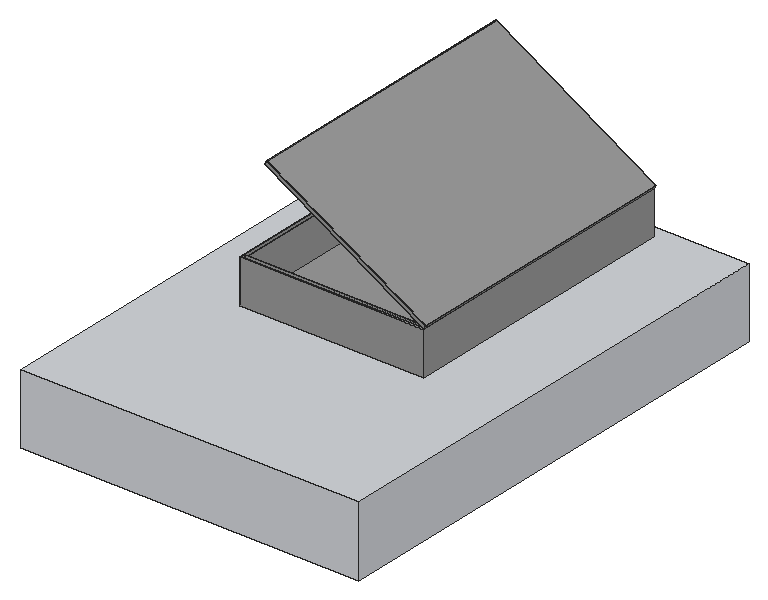
Revit family "Hager-Univers-IP54-D205-H1250-Cl.I-Encl-CH-de", category Equipement électrique, Revit 2020
Family settings
  Hôte = Face
  Configuration du panneau = Deux colonnes, circuits au sein
  Cote de connecteur circulaire = Utiliser le diamètre
  Type d'élément = Tableau de raccordement
  Couper avec des vides une fois chargée = Non
  Partagée = Non
  Point de calcul de pièce = Non
Parameters (values of type "Aufputz IP54 B800 H1250 T205  - FP83TW2")
  Width Control [instance] = if([EF000008 - Breite] > Min Width, [EF000008 - Breite], Min Width)  # 800 mm
  Commentaires du type = [HG000003 - Bereich]  # "Univers"
  Thickness Door [instance] = if([EF009171 - Materialstärke Tür/Deckel] > 3 mm, 3 mm, [EF009171 - Materialstärke Tür/Deckel])  # 1 mm
  Seal Frame Offset [instance] = 17 mm  # constant formula
  Plinth Visibility [instance] = [HG000027 - Sockelhöhe] > 0 mm  # no
  Model = ""
  Min Width [instance] = 100 mm  # constant formula
  Min Height [instance] = 100 mm  # constant formula
  Min Depth [instance] = (2 * [EF009170 - Materialstärke Gehäuse]) + 1 mm  # 3 mm
  Internal Frame Depth [instance] = (Door System Depth * 0.5)  # 9 mm
  Height Control [instance] = if([EF000040 - Höhe] > Min Height, [EF000040 - Höhe], Min Height)  # 1250 mm
  HG000027 - Sockelhöhe = 0 mm
  HG000026 - Stehend auf dem Boden = no
  HG000024 - Höhe des unteren Teils = 800 mm
  HG000023 - Gehäuse mit doppeltem Querschnitt = no
  HG000016 - 3D-Türsichtbarkeit [instance] = yes
  HG000015 - Sichtbarkeit der Türöffnung [instance] = no
  HG000014 - Tür rechts [instance] = yes
  HG000013 - Tür links [instance] = not([HG000014 - Tür rechts])  # no
  HG000012 - Türschwenkwinkel [instance] = 30.00°
  HG000010 - Asymmetrische Türen = no
  HG000009 - Doppelflügeligen Tür = no
  HG000006 - Unterputz = no
  HG000004 - Herstellerreferenz = "FP83TW2"
  HG000003 - Bereich = "Univers"
  HG000002 - Mit tür = yes
  Frame Offset Bottom [instance] = 10 mm  # constant formula
  Frame Offset [instance] = 15 mm  # constant formula
  EF015940 - Deckel mit Überdruckentlastung = no
  EF011959 - Schutzart (NEMA) = ""
  EF009554 - Anzahl der Öffnungen für Flanschplatten = 6
  Fabricant = "Hager"  # constant formula
  EF009212 - Ausführung Deckel = "EV000116 - geschlossen"
  EF009171 - Materialstärke Tür/Deckel = 1 mm
  EF009170 - Materialstärke Gehäuse = 1 mm
  EF008873 - Nennstrom (In) = 250 A
  EF007800 - Geeignet für Blitzschutz = no
  EF006306 - Mit Schloss = no
  EF006244 - Transparenter Deckel/Tür = no
  EF005474 - Schutzart (IP) = "EV006419 - IP54"
  EF004464 - Art der Tür = "EV002646 - Einzel"
  EF004427 - Anzahl der Module = 288
  EF004293 - Schlagfestigkeit = "EV006815 - IK09"
  EF003532 - Geeignet für Außengebrauch = no
  EF002950 - Breite in Teilungseinheiten = 36
  EF001613 - Funktionserhalt = "EV000494 - ohne"
  EF001596 - Werkstoff des Gehäuses = "EV000179 - Stahl"
  EF001131 - Innentiefe = 130 mm
  EF001088 - Anbaumöglichkeit = yes
  EF000437 - Anzahl der Leitungseinführungen = 6
  EF000339 - Art der Abdeckung = "EV001012 - Deckel"
  EF000266 - Anzahl der Reihen = 8
  EF000218 - Einbautiefe = 205 mm
  EF000118 - Mit Montageplatte = no
  EF000116 - RAL-Nummer = "9010"
  EF000049 - Tiefe = 205 mm
  EF000040 - Höhe = 1250 mm
  EF000008 - Breite = 800 mm
  EF000007 - Farbe = "EV000202 - weiß"
  EF000003 - Montageart = "EV000384 - Aufputz"
  Door System Leaf Tolerance [instance] = 1.5 mm  # constant formula
  Door System Depth [instance] = 18 mm  # constant formula
  Door Height [instance] = Height Control - [HG000027 - Sockelhöhe]  # 1250 mm
  Depth Control [instance] = if([EF000049 - Tiefe] > Min Depth, [EF000049 - Tiefe], Min Depth)  # 205 mm
  Default Elevation = 0 mm
  Connector Offset [instance] = Height Control / 2  # 625 mm
  Bottom Top Plate Trim [instance] = 1.5 mm  # constant formula
  Plinth height Ctrl [instance] = if([HG000027 - Sockelhöhe] > 0 mm, [HG000027 - Sockelhöhe], 12 mm)  # 12 mm
Types (5, lengths in mm): name | Width Control | HG000004 - Herstellerreferenz | EF009554 - Anzahl der Öffnungen für Flanschplatten | EF004464 - Art der Tür | EF004427 - Anzahl der Module | EF002950 - Breite in Teilungseinheiten | EF000437 - Anzahl der Leitungseinführungen | EF000008 - Breite
  Aufputz IP54 B1050 H1250 T205  - FP84TW2 | 1050 | "FP84TW2" | 8 | "EV003602 - Doppel" | 384 | 48 | 8 | 1050
  Aufputz IP54 B1300 H1250 T205  - FP85TW2 | 1300 | "FP85TW2" | 10 | "EV003602 - Doppel" | 480 | 60 | 10 | 1300
  Aufputz IP54 B300 H1250 T205  - FP81TW2 | 300 | "FP81TW2" | 2 | "EV002646 - Einzel" | 96 | 12 | 2 | 300
  Aufputz IP54 B550 H1250 T205  - FP82TW2 | 550 | "FP82TW2" | 4 | "EV002646 - Einzel" | 192 | 24 | 4 | 550
  Aufputz IP54 B800 H1250 T205  - FP83TW2 | 800 | "FP83TW2" | 6 | "EV002646 - Einzel" | 288 | 36 | 6 | 800
Reference planes
  plane 1 "Center (Front/Back)": y = 0
  plane 2: z = 0
  plane 3 "Center (Left/Right)": x = 0
  plane 4: z = 205
  plane 5: y = 1
  plane 6: y = 625
  plane 7: y = 0
  plane 8: y = 1250
  plane 9: z = 0
  plane 10: x = -385
  plane 11: x = 385
  plane 12: x = 384
  plane 13: x = -384
  plane 14: y = 1249
  plane 15: x = -383
  plane 16: x = -400
  plane 17: x = 383
  plane 18: x = 400
  plane 19: x = 399
  plane 20: x = -399
  plane 21: y = 11
  plane 22: y = 1250
  plane 23: y = 1234
  plane 24: z = 187
  plane 25: z = 1
  plane 26: z = 186
  plane 27: z = 204
Forms (mm)
  Extrusion 1, solid
    sketch origin (0, 0, 0) x (1, 0, 0) y (0, 1, 0)
      loop
        line (-702.964, 1305) -> (-702.964, -811.445) -> (766.763, -811.445) -> (766.763, 1305) -> (-702.964, 1305)
    from 0 to -304.8
  Extrusion 2, solid, material "Hager_Steel_RAL7035_Light_Grey", visible <- "Plinth Visibility", detail levels medium+fine
    sketch origin (0, 0, 0) x (1, 0, 0) y (0, 1, 0)
      loop
        line (-400, 0) -> (400, 0) -> (400, 12) -> (-400, 12) -> (-400, 0)
    from 0 to 187
  Extrusion 3, solid, material "Hager_Steel_RAL7035_Light_Grey", detail levels medium+fine
    sketch origin (0, 0, 0) x (1, 0, 0) y (0, 1, 0)
      loop
        line (-400, 0) -> (400, 0) -> (400, 1250) -> (-400, 1250) -> (-400, 0)
    from 0 to 187
  Extrusion 4, void
    sketch origin (0, 0, 0) x (1, 0, 0) y (0, 1, 0)
      loop
        line (-399, 1) -> (399, 1) -> (399, 1249) -> (-399, 1249) -> (-399, 1)
    from 1 to 186
  Extrusion 5, void
    sketch origin (-381.607, -4572, 187) x (0, -1, 0) y (-1, 0, 0)
      loop
        line (-4583, 2.393) -> (-5806, 2.393) -> (-5806, -765.607) -> (-4583, -765.607) -> (-4583, 2.393)
    from 0 to 1 <- "EF009170 - Materialstärke Gehäuse"
  Extrusion 6, solid, material "Hager_Steel_RAL7035_Light_Grey", detail levels fine
    sketch origin (0, 0, 187) x (1, 0, 0) y (0, 1, 0)
      loop
        line (-384, 1234) -> (-384, 11) -> (384, 11) -> (384, 1234) -> (-384, 1234)
      loop
        line (-385, 10) -> (385, 10) -> (385, 1235) -> (-385, 1235) -> (-385, 10)
    from 0 to 9 <- "Internal Frame Depth"
  Extrusion 7, solid, material "Hager_Steel_RAL7035_Light_Grey", detail levels coarse
    sketch origin (0, 0, 0) x (1, 0, 0) y (0, 1, 0)
      loop
        line (-400, 0) -> (400, 0) -> (400, 1250) -> (-400, 1250) -> (-400, 0)
    from 0 to 205
  Sweep 8, void
    path in 3D
      loop
        line (-400, 12, 0) -> (400, 12, 0) -> (400, 12, 187) -> (-400, 12, 187) -> (-400, 12, 0)
    profile origin (-400, 12, 93.5) x (-1, 0, 0) y (0, -1, 0)
      loop
        line (0, 0) -> (0, 1.5) -> (-1.5, 1.5)
        arc (-1.5, 1.5) -> (-1.061, 0.439) -> (0, 0) r 1.5
Cuts and joins
  Extrusion 4, Extrusion 5 cuts Extrusion 3
  Sweep 8 cuts Extrusion 2
Lines and regions (mm)
  Masking region 1
    outline origin (0, 0, 0) x (1, 0, 0) y (0, 0, 1)
      loop
        line (-400, 205) -> (-400, 0) -> (400, 0) -> (400, 205) -> (-400, 205)
  Masking region 2, detail levels medium+fine
    outline origin (0, 140, 0) x (0, 1, 0) y (0, 0, 1)
      loop
        line (-140, 0) -> (1110, 0) -> (1110, 187) -> (-140, 187) -> (-140, 0)
  Masking region 3, not visible, detail levels medium+fine
    outline origin (0, 297.922, 0) x (0, 1, 0) y (0, 0, 1)
      loop
        line (338.578, 0) -> (378.578, 0) -> (378.578, 194)
        arc (378.578, 194) -> (375.649, 201.071) -> (368.578, 204) r 10
        line (368.578, 204) -> (338.578, 204) -> (338.578, 0)
  Masking region 4, detail levels coarse
    outline origin (0, 0, 180) x (0, 1, 0) y (0, 0, 1)
      loop
        line (0, -180) -> (1250, -180) -> (1250, 25) -> (0, 25) -> (0, -180)
  Masking region 5, visible <- "Plinth Visibility", detail levels medium+fine
    outline origin (0, 52.24, 12.345) x (0, 0, -1) y (0, 1, 0)
      loop
        line (10.845, -40.24) -> (-173.155, -40.24)
        arc (-173.155, -40.24) -> (-173.594, -41.301) -> (-174.655, -41.74) r 1.5
        line (-174.655, -41.74) -> (-174.655, -52.24) -> (12.345, -52.24) -> (12.345, -41.74)
        arc (12.345, -41.74) -> (11.285, -41.301) -> (10.845, -40.24) r 1.5
  Masking region 6, detail levels medium+fine
    outline origin (-381.607, -4572, 187) x (-1, 0, 0) y (0, -1, 0)
      loop
        line (18.393, -5822) -> (18.393, -4572) -> (-781.607, -4572) -> (-781.607, -5822) -> (18.393, -5822)
  Masking region 7, visible <- "Plinth Visibility", detail levels medium+fine
    outline origin (-381.607, -4727, 187) x (-1, 0, 0) y (0, -1, 0)
      loop
        arc (16.893, -4739) -> (17.332, -4737.939) -> (18.393, -4737.5) r 1.5
        line (18.393, -4737.5) -> (18.393, -4727) -> (-781.607, -4727) -> (-781.607, -4737.5)
        arc (-781.607, -4737.5) -> (-780.546, -4737.939) -> (-780.107, -4739) r 1.5
        line (-780.107, -4739) -> (16.893, -4739)
  Masking region 8, detail levels coarse
    outline origin (-442.548, -4669.526, 187) x (-1, 0, 0) y (0, -1, 0)
      loop
        line (-42.548, -5919.526) -> (-42.548, -4669.526) -> (-842.548, -4669.526) -> (-842.548, -5919.526) -> (-42.548, -5919.526)
  sketch lines
    curve 1: line (-400, 12, 187) -> (-400, 12, 0)
    curve 2: line (400, 12, 187) -> (-400, 12, 187)
    curve 3: line (400, 12, 187) -> (400, 12, 0)
    curve 4: line (-400, 12, 0) -> (400, 12, 0)
Dimensions and locks
  "Depth Control": plane 4 to Extrusion 1
  "HG000027 - Sockelhöhe": plane 1 "Center (Front/Back)" to plane 7
  "EF009170 - Materialstärke Gehäuse": plane 5 to plane 7
  locked: connector elem to plane 3 "Center (Left/Right)"
  equal spacing: plane 8, plane 6, plane 7
  locked: connector elem to plane 6
  "EF009170 - Materialstärke Gehäuse": plane 8 to plane 14
  "EF009170 - Materialstärke Gehäuse": plane 10 to plane 13
  "EF009170 - Materialstärke Gehäuse": plane 12 to plane 11
  "Frame Offset": plane 20 to plane 13
  "Frame Offset": plane 12 to plane 19
  "EF009170 - Materialstärke Gehäuse": plane 16 to plane 20
  "EF009170 - Materialstärke Gehäuse": plane 19 to plane 18
  "Seal Frame Offset": plane 16 to plane 15
  "Seal Frame Offset": plane 17 to plane 18
  "Frame Offset Bottom": plane 21 to plane 5
  "Frame Offset": plane 14 to plane 23
  equal spacing: plane 16, plane 3 "Center (Left/Right)", plane 18
  "Width Control": plane 16 to plane 18
  "EF009170 - Materialstärke Gehäuse": plane 4 to plane 27
  "EF009170 - Materialstärke Gehäuse": plane 24 to plane 26
  "EF009170 - Materialstärke Gehäuse": plane 25 to level
  "Door System Depth": plane 4 to plane 24
  "Height Control": plane 1 "Center (Front/Back)" to Extrusion 7 sketch curve
  "Height Control": Masking region 4 sketch curve to plane 1 "Center (Front/Back)"
  "Height Control": plane 1 "Center (Front/Back)" to plane 22
  "Bottom Top Plate Trim": profile plane to Sweep 8 sketch curve
  "Bottom Top Plate Trim": Sweep 8 sketch curve to profile plane
  "Plinth height Ctrl": plane 1 "Center (Front/Back)" to Extrusion 2 sketch curve
  "Plinth height Ctrl": Masking region 5 sketch curve to plane 1 "Center (Front/Back)"
  "Plinth height Ctrl": plane 1 "Center (Front/Back)" to Masking region 7 sketch curve
  "Thickness Door": Extrusion 6 sketch curve to Extrusion 6 sketch curve  (x3)
  "Thickness Door": cut or joined group of Extrusion 3, Extrusion 4, Extrusion 5 to Extrusion 6 sketch curve
  radius of Masking region 3 sketch curve = 10 mm
  "Bottom Top Plate Trim": radius of Masking region 5 sketch curve  (x2)
  "Bottom Top Plate Trim": radius of Sweep 8 sketch curve
  "Bottom Top Plate Trim": radius of Masking region 7 sketch curve  (x2)
  aligned and locked: plane 2 to Extrusion 1
  aligned and locked: level to Extrusion 1
  aligned and locked: level to Masking region 1 sketch curve
  aligned and locked: Masking region 1 sketch curve to plane 18
  aligned and locked: Masking region 1 sketch curve to plane 16
  aligned and locked: plane 7 to Masking region 2 sketch curve
  aligned and locked: level to Masking region 3 sketch curve
  aligned and locked: Masking region 3 sketch curve to plane 27
  aligned and locked: level to Masking region 2 sketch curve
  aligned and locked: plane 1 "Center (Front/Back)" to Extrusion 2 sketch curve
  aligned and locked: Extrusion 3 sketch curve to plane 7
  aligned and locked: plane 16 to Extrusion 3 sketch curve
  aligned and locked: plane 18 to Extrusion 3 sketch curve
  aligned and locked: plane 20 to Extrusion 4 sketch curve
  aligned and locked: plane 19 to Extrusion 4 sketch curve
  aligned and locked: Extrusion 4 sketch curve to plane 5
  aligned and locked: Extrusion 4 to plane 25
  aligned and locked: plane 26 to Extrusion 4
  aligned and locked: plane 24 to Extrusion 3
  aligned and locked: Extrusion 5 sketch curve to plane 21
  aligned and locked: Extrusion 5 sketch curve to plane 13
  aligned and locked: Extrusion 5 sketch curve to plane 12
  aligned and locked: plane 18 to Extrusion 7 sketch curve
  aligned and locked: plane 1 "Center (Front/Back)" to Extrusion 7 sketch curve
  aligned and locked: plane 16 to Extrusion 7 sketch curve
  aligned and locked: plane 4 to Extrusion 7
  aligned and locked: Extrusion 7 to level
  aligned and locked: level to Masking region 4 sketch curve
  aligned and locked: Masking region 4 sketch curve to plane 1 "Center (Front/Back)"
  aligned and locked: Masking region 4 sketch curve to plane 4
  aligned and locked: nested 1 to level
  aligned and locked: nested 1 to plane 16
  aligned and locked: plane 8 to Extrusion 3 sketch curve
  aligned and locked: plane 23 to Extrusion 5 sketch curve
  aligned and locked: plane 14 to Extrusion 4 sketch curve
  aligned and locked: Masking region 2 sketch curve to plane 8
  aligned and locked: level to Masking region 5 sketch curve
  aligned and locked: plane 16 to Extrusion 2 sketch curve
  aligned and locked: plane 18 to Extrusion 2 sketch curve
  aligned and locked: Masking region 5 sketch curve to plane 24
  aligned and locked: Masking region 2 sketch curve to plane 24
  aligned and locked: plane 24 to Extrusion 2
  aligned and locked: profile plane to Sweep 8 sketch curve  (x2)
  aligned and locked: Masking region 6 sketch curve to plane 18
  aligned and locked: Masking region 6 sketch curve to plane 22
  aligned and locked: Masking region 6 sketch curve to plane 16
  aligned and locked: plane 8 to plane 22
  aligned and locked: Masking region 6 sketch curve to plane 7
  aligned and locked: Masking region 7 sketch curve to plane 16
  aligned and locked: Masking region 7 sketch curve to plane 1 "Center (Front/Back)"
  aligned and locked: Masking region 7 sketch curve to plane 18
  aligned and locked: Masking region 8 sketch curve to plane 1 "Center (Front/Back)"
  aligned and locked: Masking region 8 sketch curve to plane 18
  aligned and locked: Masking region 8 sketch curve to plane 22
  aligned and locked: Masking region 8 sketch curve to plane 16
  aligned and locked: nested 2 to plane 7
  aligned and locked: plane 3 "Center (Left/Right)" to nested 2
  aligned and locked: nested 2 to plane 24
  aligned and locked: Extrusion 6 sketch curve to cut or joined group of Extrusion 3, Extrusion 4, Extrusion 5  (x4)
Automatic sketch dimensions
  Extrusion 1 sketch curve to Extrusion 1 sketch curve = 1469.727 mm
  Extrusion 1 sketch curve to Extrusion 1 sketch curve = 2116.445 mm
  Masking region 1 sketch curve to plane 4 = 0 mm
  plane 6 to Masking region 3 sketch curve = 11.5 mm
  Masking region 3 sketch curve to Masking region 3 sketch curve = 30 mm
  Masking region 5 sketch curve to plane 1 "Center (Front/Back)" = 0 mm
Nested families
  nested 1: "Hager_Enclosure_Symbol" at (-400, 0, 0) x (1, 0, 0) z (0, -1, 0), Height <- "Depth Control", Width <- "Width Control", type "Hager_Enclosure_Symbol"
    with Width_Ctrl 800 mm, Width 800 mm, Height_Ctrl 205 mm, Height 205 mm, A_Width_Int 13.453 mm, A_Width 161.438 mm, A_Height_Ctrl 179.375 mm, A_Height 179.375 mm
  nested 2: "EC000058_Univers_Door" at (0, 0, 187) x (1, 0, 0) z (0, 1, 0), Leaf_Tolerance <- "Door System Leaf Tolerance", Angle <- "HG000012 - Türschwenkwinkel", Door_Depth <- "Door System Depth", Door_Left <- "HG000013 - Tür links", Transparent <- "EF006244 - Transparenter Deckel/Tür", Assymetrical <- "HG000010 - Asymmetrische Türen", Width <- "Width Control", Clearance <- "HG000015 - Sichtbarkeit der Türöffnung", Double <- "HG000009 - Doppelflügeligen Tür", 3d_Door <- "HG000016 - 3D-Türsichtbarkeit", Lock_Visibility <- "EF006306 - Mit Schloss", Width_Ctrl <- "Width Control", Door_Right <- "HG000014 - Tür rechts", Door <- "HG000002 - Mit tür", Height <- "Door Height", Thickness <- "Thickness Door", type "EC000058_Univers_Door", detail levels medium+fine
    with min_wh 3 mm, Width_Ctrl 800 mm, Width 800 mm, Transparent no, Thickness 1 mm, Seal_Material Hager_Rubber, Lock_Visibility no, Lock_Material Hager_Plastic_RAL9005_Jet_Black, Leaf_Width 800 mm, Leaf_Tolerance_External_Sides 0 mm, Leaf_Tolerance 1.5 mm, Leaf_Offset 0 mm, Leaf_Height 1247 mm, Leaf_2_Width 800 mm, Leaf_2_Offset 400 mm, Leaf_1_Width 800 mm, Leaf_1_Offset 400 mm, Height_Ctrl 1250 mm, Height 1250 mm, Glass_Material Hager_Glass, Double_Clearance_Ctrl no, Double no, Door_Right_Ctrl yes, Door_Right yes, Door_Material Hager_Steel_RAL7035_Light_Grey, Door_Left_Ctrl no, Door_Left no, Door_Depth 18 mm, Door yes, Clearance_Material Hager_Clearance, Clearance_Depth 800 mm, Clearance_Ctrl no, Clearance no, Assymetrical no, Angle 30.00°, 3d_Door yes
Connectors
  electrical at (0, 625, 0)
    settings: on plane 9, index 1, voltage 0 V, apparent load 0 VA, apparent load phase1 0 VA, apparent load phase2 0 VA, apparent load phase3 0 VA, power factor 1, load classification "Other", number of poles 1, system type 30, power factor state 1, is connector primary yes, connector utility no, sub classification motor no, connector description ""
Definition of nested family "EC000058_Univers_Door"
  Parameters (values of type "EC000058_Univers_Door")
    min_wh [instance] = (2 * Thickness) + 1 mm  # 11 mm
    Width_Ctrl [instance] = 400 mm
    Width [instance] = 500 mm
    Transparent [instance] = yes
    Thickness [instance] = 5 mm
    Seal_Material [instance] = none
    Lock_Visibility [instance] = yes
    Lock_Material [instance] = none
    Leaf_Width [instance] = if((Width_Ctrl - 2 * Leaf_Tolerance_External_Sides) > 0 mm, (Width_Ctrl - 2 * Leaf_Tolerance_External_Sides), min_wh)  # 400 mm
    Leaf_Tolerance_External_Sides [instance] = 0 mm  # constant formula
    Leaf_Tolerance [instance] = 1.5 mm
    Leaf_Offset [instance] = 0 mm  # constant formula
    Leaf_Height [instance] = if((Height_Ctrl - 2 * Leaf_Tolerance) > 0 mm, (Height_Ctrl - 2 * Leaf_Tolerance), min_wh)  # 497 mm
    Leaf_2_Width [instance] = if(and(and(Double, Assymetrical), Door_Left), (Leaf_Width / 3) - (Leaf_Tolerance / 2), if(and(and(Double, Assymetrical), Door_Right), (Leaf_Width / 3) * 2 - (Leaf_Tolerance / 2), if(and(Double, not(Assymetrical)), (Leaf_Width / 2) - Leaf_Tolerance, Leaf_Width)))  # 400 mm
    Leaf_2_Offset [instance] = if(and(Double, Assymetrical), Leaf_2_Width / 2, if(and(Double, not(Assymetrical)), Leaf_Width / 4, Leaf_Width / 2))  # 200 mm
    Leaf_1_Width [instance] = if(and(and(Double, Assymetrical), Door_Right), (Leaf_Width / 3) - (Leaf_Tolerance / 2), if(and(and(Double, Assymetrical), Door_Left), (Width / 3) * 2 - (Leaf_Tolerance / 2), if(and(Double, not(Assymetrical)), (Leaf_Width / 2) - Leaf_Tolerance, Leaf_Width)))  # 400 mm
    Leaf_1_Offset [instance] = if(and(Double, Assymetrical), Leaf_1_Width / 2, if(and(Double, not(Assymetrical)), Leaf_Width / 4, Leaf_Width / 2))  # 200 mm
    Height_Ctrl [instance] = if(Height > min_wh, Height, min_wh)  # 500 mm
    Height [instance] = 500 mm
    Glass_Material [instance] = none
    Double_Clearance_Ctrl [instance] = and(Double, Clearance)  # no
    Double [instance] = no
    Door_Right_Ctrl [instance] = and(or(Door_Right, Double), Door)  # yes
    Door_Right [instance] = yes
    Door_Material [instance] = none
    Door_Left_Ctrl [instance] = and(or(Door_Left, Double), Door)  # no
    Door_Left [instance] = no
    Door_Depth [instance] = 30 mm
    Door [instance] = yes
    Default Elevation = 1219.2 mm
    Clearance_Material [instance] = none
    Clearance_Depth [instance] = if(Leaf_1_Width > Leaf_2_Width, Leaf_1_Width, Leaf_2_Width)  # 400 mm
    Clearance_Ctrl [instance] = and(not(Double), Clearance)  # yes
    Clearance [instance] = yes
    Assymetrical [instance] = yes
    Angle [instance] = 30.00°
    3d_Door [instance] = yes
  Reference planes
    plane 1 "Center (Front/Back)": y = 0
    plane 2 "Bottom": z = 0
    plane 3 "Center (Left/Right)": x = 0
    plane 4: z = 500
    plane 5: x = -200
    plane 6: x = 200
    plane 7: z = 500
    plane 8: x = -200
    plane 9: z = 0
    plane 10: x = 200
    plane 11: y = 0
    plane 12: z = 1.5
    plane 13: x = -600
    plane 14: y = -400
    plane 15: x = 600
    plane 16: x = 0
    plane 17: x = 0
    plane 18: x = -200
    plane 19: x = 200
    plane 20: z = 498.5
  Forms (mm)
    Extrusion 1, solid, material <- "Clearance_Material", visible <- "Double_Clearance_Ctrl"
      sketch origin (1200, 0, 0) x (1, 0, 0) y (0, 0, -1)
        loop
          line (-1800, -498.5) -> (-600, -498.5) -> (-600, 0) -> (-1800, 0) -> (-1800, -498.5)
      from 0 to -400
  Dimensions and locks
    equal spacing: plane 5, plane 3 "Center (Left/Right)", plane 6
    "Width_Ctrl": plane 5 to plane 6
    "Leaf_Offset": plane 5 to plane 8
    "Leaf_Offset": plane 6 to plane 10
    "Leaf_Offset": plane 9 to level
    "Leaf_Offset": plane 4 to plane 7
    "Height_Ctrl": plane 4 to level
    "Leaf_Tolerance": plane 12 to plane 9
    locked: plane 11 to plane 1 "Center (Front/Back)"
    "Leaf_1_Offset": plane 18 to plane 16
    "Leaf_2_Offset": plane 17 to plane 19
    "Leaf_1_Width": plane 13 to plane 8
    "Leaf_2_Width": plane 10 to plane 15
    "Clearance_Depth": plane 14 to plane 1 "Center (Front/Back)"
    "Leaf_Tolerance_External_Sides": plane 8 to plane 18
    "Leaf_Tolerance_External_Sides": plane 19 to plane 10
    "Leaf_Tolerance": plane 7 to plane 20
    aligned and locked: level to plane 2 "Bottom"
    aligned and locked: nested 1 to plane 16
    aligned and locked: nested 2 to plane 17
    aligned and locked: Extrusion 1 to plane 13
    aligned and locked: plane 15 to Extrusion 1
    aligned and locked: Extrusion 1 to plane 14
    aligned and locked: plane 12 to nested 1
    aligned and locked: nested 2 to plane 12
    aligned and locked: Extrusion 1 to plane 11
    aligned and locked: plane 20 to Extrusion 1
    aligned and locked: nested 2 to plane 11
    aligned and locked: nested 1 to plane 11
  Automatic sketch dimensions
    Extrusion 1 sketch curve to level = 0 mm
    plane 5 to Extrusion 1 sketch curve = 400 mm
    plane 6 to Extrusion 1 sketch curve = 400 mm
    Extrusion 1 sketch curve to plane 4 = 1.5 mm
  Nested families
    nested 1: "EC000058_Univers_Door_Leaf" at (0, 0, 1.5), Width <- "Leaf_1_Width", visible <- "Door_Left_Ctrl", Leaf_Height <- "Leaf_Height", Angle <- "Angle", 3d_Door <- "3d_Door", Transparent <- "Transparent", Clearance Material <- "Clearance_Material", Clearance <- "Clearance_Ctrl", Door_Material <- "Door_Material", Glass_Material <- "Glass_Material", Door_Depth <- "Door_Depth", Lock_Material <- "Lock_Material", Seal_Material <- "Seal_Material", Lock_Visibility <- "Lock_Visibility", Thickness <- "Thickness", type "EC000058_Univers_Door_Leaf"
      with Width 400 mm, Transparent_Glass_Offset 30 mm, Transparent_Ctrl yes, Transparent yes, Thickness 5 mm, Standard no, Seal_Material none, Seal_D2 8 mm, Seal_D1 1 mm, Offset_Internal_Frame 10 mm, Lock_Width 20 mm, Lock_Visibility_3d yes, Lock_Visibility yes, Lock_Thickness_3 3 mm, Lock_Thickness_2 1 mm, Lock_Thickness_1 3 mm, Lock_Radius_Offset_2 16 mm, Lock_Radius_Offset_1 15 mm, Lock_Radius_2 5 mm, Lock_Radius 6 mm, Lock_Offset 5 mm, Lock_Material none, Lock_Height 80 mm, Lock_Cover_Top_Offset_2d 17 mm, Lock_Cover_Height -65 mm, Leaf_Height 497 mm, Internal_Seal_Thickness 8 mm, Internal_Seal_Depth_2 4.5 mm, Internal_Frame_Depth 25 mm, Glass_Thickness -1 mm, Glass_Offset -2 mm, Glass_Material none, Door_Material none, Door_Depth 30 mm, Clearance Material none, Clearance yes, Angle_Ctrl 30.00°, Angle 30.00°, 3d_Door yes
    nested 2: "EC000058_Univers_Door_Leaf" at (0, 0, 1.5) x (-1, 0, 0) z (0, 0, 1), Width <- "Leaf_2_Width", visible <- "Door_Right_Ctrl", Leaf_Height <- "Leaf_Height", Angle <- "Angle", 3d_Door <- "3d_Door", Transparent <- "Transparent", Clearance Material <- "Clearance_Material", Clearance <- "Clearance_Ctrl", Door_Material <- "Door_Material", Glass_Material <- "Glass_Material", Door_Depth <- "Door_Depth", Lock_Material <- "Lock_Material", Seal_Material <- "Seal_Material", Lock_Visibility <- "Lock_Visibility", Thickness <- "Thickness", type "EC000058_Univers_Door_Leaf"
      with Width 400 mm, Transparent_Glass_Offset 30 mm, Transparent_Ctrl yes, Transparent yes, Thickness 5 mm, Standard no, Seal_Material none, Seal_D2 8 mm, Seal_D1 1 mm, Offset_Internal_Frame 10 mm, Lock_Width 20 mm, Lock_Visibility_3d yes, Lock_Visibility yes, Lock_Thickness_3 3 mm, Lock_Thickness_2 1 mm, Lock_Thickness_1 3 mm, Lock_Radius_Offset_2 16 mm, Lock_Radius_Offset_1 15 mm, Lock_Radius_2 5 mm, Lock_Radius 6 mm, Lock_Offset 5 mm, Lock_Material none, Lock_Height 80 mm, Lock_Cover_Top_Offset_2d 17 mm, Lock_Cover_Height -65 mm, Leaf_Height 497 mm, Internal_Seal_Thickness 8 mm, Internal_Seal_Depth_2 4.5 mm, Internal_Frame_Depth 25 mm, Glass_Thickness -1 mm, Glass_Offset -2 mm, Glass_Material none, Door_Material none, Door_Depth 30 mm, Clearance Material none, Clearance yes, Angle_Ctrl 30.00°, Angle 30.00°, 3d_Door yes
  Definition of nested family "EC000058_Univers_Door_Leaf"
    Parameters (values of type "EC000058_Univers_Door_Leaf")
      Width [instance] = 2000 mm
      Transparent_Glass_Offset [instance] = 30 mm
      Transparent_Ctrl [instance] = and(Transparent, [3d_Door])  # yes
      Transparent [instance] = yes
      Thickness [instance] = 5 mm
      Standard [instance] = and(not(Transparent), [3d_Door])  # no
      Seal_Material [instance] = none
      Seal_D2 [instance] = 8 mm  # constant formula
      Seal_D1 [instance] = 1 mm  # constant formula
      Offset_Internal_Frame [instance] = 10 mm  # constant formula
      Lock_Width [instance] = 20 mm  # constant formula
      Lock_Visibility_3d [instance] = and(Lock_Visibility, [3d_Door])  # yes
      Lock_Visibility [instance] = yes
      Lock_Thickness_3 [instance] = 3 mm  # constant formula
      Lock_Thickness_2 [instance] = 1 mm  # constant formula
      Lock_Thickness_1 [instance] = 3 mm  # constant formula
      Lock_Radius_Offset_2 [instance] = Lock_Radius_Offset_1 + 1 mm  # 16 mm
      Lock_Radius_Offset_1 [instance] = 15 mm  # constant formula
      Lock_Radius_2 [instance] = Lock_Radius - 1 mm  # 5 mm
      Lock_Radius [instance] = 6 mm  # constant formula
      Lock_Offset [instance] = 5 mm  # constant formula
      Lock_Material [instance] = none
      Lock_Height [instance] = 80 mm  # constant formula
      Lock_Cover_Top_Offset_2d [instance] = Lock_Radius_Offset_2 + 1 mm  # 17 mm
      Lock_Cover_Height [instance] = -(Lock_Height - Lock_Radius_Offset_1)  # -65 mm
      Leaf_Height [instance] = 2720.336 mm
      Internal_Seal_Thickness [instance] = 8 mm  # constant formula
      Internal_Seal_Depth_2 [instance] = 4.5 mm  # constant formula
      Internal_Frame_Depth [instance] = if(Door_Depth - Thickness > 5 mm, Door_Depth - Thickness, 5 mm)  # 25 mm
      Glass_Thickness [instance] = if(Thickness > 15 mm, Glass_Offset + 10 mm, -1 mm)  # -1 mm
      Glass_Offset [instance] = if(Thickness > 15 mm, -(Thickness + 10 mm) / 2, -2 mm)  # -2 mm
      Glass_Material [instance] = none
      Door_Material [instance] = none
      Door_Depth [instance] = 30 mm
      Default Elevation = 0 mm
      Clearance Material [instance] = none
      Clearance [instance] = yes
      Angle_Ctrl [instance] = if(Angle > 180.00°, 180.00°, Angle)  # 90.00°
      Angle [instance] = 90.00°
      3d_Door [instance] = yes
    Reference planes
      plane 1 "Center (Front/Back)": y = 0
      plane 2: z = 0
      plane 3 "Center (Left/Right)": x = 0
      plane 4: y = 2000
      plane 5: x = -1000
      plane 6: x = 1000
      plane 7: x = -3000
      plane 8: z = 2720.336
      plane 9: z = 30
      plane 10: z = 2690.336
      plane 11: x = 970
      plane 12: x = -970
      plane 13: y = -3
      plane 14: z = 107.833
      plane 15: y = -5
      plane 16: y = -223.314
      plane 17: x = -1000
      plane 18: z = 1360.168
      plane 19: y = 30
    Forms (mm)
      Extrusion 1, solid, material <- "Clearance Material", visible <- "Clearance"
        sketch origin (0, 0, 0) x (1, 0, 0) y (0, 0, 1)
          loop
            line (-3000, 2720.336) -> (-3000, 0) -> (1000, 0) -> (1000, 2720.336) -> (-3000, 2720.336)
        from 0 to -2000
      Extrusion 2, solid, material <- "Door_Material", visible <- "Standard", detail levels medium+fine
        sketch origin (-1000, 0, 0) x (0, 1, 0) y (-1, 0, 0)
          loop
            line (0, 30) -> (0, 25) -> (2000, 25) -> (2000, 30) -> (0, 30)
        from 0 to 2720.336 <- "Leaf_Height"
      Extrusion 3, solid, material <- "Door_Material", visible <- "Transparent_Ctrl", detail levels medium+fine
        sketch origin (-1000, 0, 0) x (0, 1, 0) y (-1, 0, 0)
          loop
            line (0, 25) -> (2000, 25) -> (2000, 30) -> (0, 30) -> (0, 25)
        from 0 to 2720.336 <- "Leaf_Height"
      Extrusion 4, void
        sketch origin (-1025, 2000, 0) x (0, 1, 0) y (0, 0, -1)
          loop
            line (-30, -2690.336) -> (-30, -30) -> (-1970, -30) -> (-1970, -2690.336) -> (-30, -2690.336)
        from 0 to 5 <- "Thickness"
      Sweep 5, solid, material <- "Seal_Material", visible <- "Transparent_Ctrl", detail levels fine
        path in 3D
          loop
            line (-1025, 30, 30) -> (-1025, 30, 2690.336) -> (-1025, 1970, 2690.336) -> (-1025, 1970, 30) -> (-1025, 30, 30)
        profile origin (-1025, 1000, 30) x (1, 0, 0) y (0, 0, 1)
          loop
            line (0, 0) -> (0, -8) -> (1, -8) -> (1, 0) -> (0, 0)
      Extrusion 6, solid, material <- "Glass_Material", visible <- "Transparent_Ctrl", detail levels medium+fine
        sketch origin (-1030, 0, 0) x (0, 1, 0) y (0, 0, -1)
          loop
            line (1970, -2690.336) -> (1970, -30) -> (30, -30) -> (30, -2690.336) -> (1970, -2690.336)
        from -2 <- "Glass_Offset" to -1 <- "Glass_Thickness"
      Extrusion 7, solid, material <- "Door_Material", visible <- "3d_Door", detail levels medium+fine
        sketch origin (-1025, 2000, 0) x (0, -1, 0) y (0, 0, -1)
          loop
            line (0, -2720.336) -> (2000, -2720.336) -> (2000, 0) -> (0, 0) -> (0, -2720.336)
          loop
            line (1995, -5) -> (5, -5) -> (5, -2715.336) -> (1995, -2715.336) -> (1995, -5)
        from 0 to 25 <- "Internal_Frame_Depth"
      Sweep 8, solid, material <- "Seal_Material", visible <- "Transparent_Ctrl", detail levels fine
        path in 3D
          loop
            line (-1025, 0, 0) -> (-1025, 2000, 0) -> (-1025, 2000, 2720.336) -> (-1025, 0, 2720.336) -> (-1025, 0, 0)
        profile origin (-1025, 0, 1360.168) x (1, 0, 0) y (0, 1, 0)
          loop
            line (0, 10) -> (2.975, 10)
            arc (2.975, 10) -> (4.053, 10.447) -> (4.5, 11.525) r 1.525
            line (4.5, 11.525) -> (4.5, 16.527)
            arc (4.5, 16.527) -> (4.069, 17.569) -> (3.027, 18) r 1.473
            line (3.027, 18) -> (0, 18) -> (0, 10)
      Extrusion 9, solid, material <- "Lock_Material", visible <- "Lock_Visibility_3d", detail levels fine
        sketch origin (-1030, 0, 0) x (0, 1, 0) y (0, 0, -1)
          loop
            arc (1993.5, -1400.168) -> (1994.561, -1399.729) -> (1995, -1398.668) r 1.5
            line (1995, -1398.668) -> (1995, -1320.168) -> (1975, -1320.168) -> (1975, -1398.668)
            arc (1975, -1398.668) -> (1975.439, -1399.729) -> (1976.5, -1400.168) r 1.5
            line (1976.5, -1400.168) -> (1993.5, -1400.168)
        from 3 <- "Lock_Thickness_1" to 0
      Blend 10, solid, material <- "Lock_Material", visible <- "Lock_Visibility_3d", detail levels fine
        base sketch origin (-1033, 0, 0) x (0, 1, 0) y (0, 0, -1)
          loop
            line (1975, -1320.168) -> (1975, -1398.668)
            arc (1975, -1398.668) -> (1975.439, -1399.729) -> (1976.5, -1400.168) r 1.5
            line (1976.5, -1400.168) -> (1993.5, -1400.168)
            arc (1993.5, -1400.168) -> (1994.561, -1399.729) -> (1995, -1398.668) r 1.5
            line (1995, -1398.668) -> (1995, -1320.168) -> (1975, -1320.168)
        top sketch origin (-1033, 0, 0) x (0, 1, 0) y (0, 0, -1)
          loop
            line (1976, -1320.168) -> (1976, -1398.668)
            arc (1976, -1398.668) -> (1976.146, -1399.022) -> (1976.5, -1399.168) r 0.5
            line (1976.5, -1399.168) -> (1993.5, -1399.168)
            arc (1993.5, -1399.168) -> (1993.854, -1399.022) -> (1994, -1398.668) r 0.5
            line (1994, -1398.668) -> (1994, -1320.168) -> (1976, -1320.168)
        from 0 to 1 <- "Lock_Thickness_2"
      Blend 11, solid, material <- "Lock_Material", visible <- "Lock_Visibility_3d", detail levels fine
        base sketch origin (-1034, 0, 0) x (0, 1, 0) y (0, 0, -1)
          loop
            line (1978, -1320.168) -> (1978, -1384.168)
            arc (1978, -1384.168) -> (1985, -1391.168) -> (1992, -1384.168) r 7
            line (1992, -1384.168) -> (1992, -1320.168) -> (1978, -1320.168)
        top sketch origin (-1034, 0, 0) x (0, 1, 0) y (0, 0, -1)
          loop
            line (1991, -1320.168) -> (1979, -1320.168) -> (1979, -1383.168)
            arc (1979, -1383.168) -> (1985, -1389.168) -> (1991, -1383.168) r 6
            line (1991, -1383.168) -> (1991, -1320.168)
        from 0 to 3 <- "Lock_Thickness_3"
      Extrusion 12, solid, material <- "Lock_Material", visible <- "Lock_Visibility_3d", detail levels fine
        sketch origin (-1030, 1975, 1320.168) x (1, 0, 0) y (0, -1, 0)
          loop
            line (-7, -19) -> (-7, -1) -> (0, -1) -> (0, 0) -> (-8, 0) -> (-8, -20) -> (0, -20) -> (0, -19) -> (-7, -19)
        from 0 to -65 <- "Lock_Cover_Height"
      Extrusion 13, void
        sketch origin (-1038, 1995, 1320.168) x (-1, 0, 0) y (0, 0, -1)
          loop
            line (-5, -65) -> (0, -65) -> (-5, -60) -> (-5, -65)
        from 0 to 20 <- "Lock_Width"
      Extrusion 14, void
        sketch origin (-1038, 1975, 1320.168) x (0, -1, 0) y (0, 0, -1)
          loop
            circle (-10, -15.995) r 6
          loop
            circle (-10, -15.995) r 5
        from 0 to 2
      Extrusion 15, solid, material <- "Lock_Material", visible <- "Lock_Visibility_3d", detail levels medium
        sketch origin (-1030, 0, 0) x (0, 1, 0) y (0, 0, -1)
          loop
            arc (1993.5, -1400.168) -> (1994.561, -1399.729) -> (1995, -1398.668) r 1.5
            line (1995, -1398.668) -> (1995, -1320.168) -> (1975, -1320.168) -> (1975, -1398.668)
            arc (1975, -1398.668) -> (1975.439, -1399.729) -> (1976.5, -1400.168) r 1.5
            line (1976.5, -1400.168) -> (1993.5, -1400.168)
        from 8 to 0
    Cuts and joins
      Extrusion 4 cuts Extrusion 3
      Extrusion 13, Extrusion 14 cuts Extrusion 9
      Extrusion 14 cuts Blend 11
      Extrusion 13, Extrusion 14 cuts Extrusion 12
      joined: Extrusion 9, Blend 10, Blend 11, Extrusion 12
      Extrusion 14 cuts Extrusion 15
    Lines and regions (mm)
      Masking region 1, visible <- "Lock_Visibility", detail levels fine
        outline origin (0, 0, 0) x (0, 1, 0) y (0, 0, 1)
          loop
            line (30, 1320.168) -> (33, 1320.168) -> (33, 1400.168) -> (30, 1400.168) -> (30, 1320.168)
      Masking region 2, visible <- "Lock_Visibility", detail levels fine
        outline origin (0, 3.143, 0) x (0, 1, 0) y (0, 0, 1)
          loop
            line (29.857, 1354.168) -> (30.857, 1354.168) -> (30.857, 1366.168) -> (29.857, 1366.168) -> (29.857, 1354.168)
      Masking region 3, detail levels medium+fine
        outline origin (0, 0, 0) x (0, 1, 0) y (0, 0, 1)
          loop
            line (0, 0) -> (30, 0) -> (30, 2720.336) -> (0, 2720.336) -> (0, 0)
      Masking region 4, detail levels medium+fine
        outline origin (0, 0, 0) x (1, 0, 0) y (0, 0, 1)
          loop
            line (-1000, 2720.336) -> (-1000, 0) -> (1000, 0) -> (1000, 2720.336) -> (-1000, 2720.336)
      Masking region 5, visible <- "Lock_Visibility", detail levels fine
        outline origin (-47.116, 0, 0) x (1, 0, 0) y (0, 0, 1)
          loop
            arc (1024.616, 1399.168) -> (1023.556, 1398.729) -> (1023.116, 1397.668) r 1.5
            line (1023.116, 1397.668) -> (1023.116, 1320.168) -> (1041.116, 1320.168) -> (1041.116, 1397.668)
            arc (1041.116, 1397.668) -> (1040.677, 1398.729) -> (1039.616, 1399.168) r 1.5
            line (1039.616, 1399.168) -> (1024.616, 1399.168)
      Masking region 6, visible <- "Lock_Visibility", detail levels medium+fine
        outline origin (-25, 0, 0) x (1, 0, 0) y (0, 0, 1)
          loop
            arc (1001.5, 1400.168) -> (1000.439, 1399.729) -> (1000, 1398.668) r 1.5
            line (1000, 1398.668) -> (1000, 1320.168) -> (1020, 1320.168) -> (1020, 1398.668)
            arc (1020, 1398.668) -> (1019.561, 1399.729) -> (1018.5, 1400.168) r 1.5
            line (1018.5, 1400.168) -> (1001.5, 1400.168)
      Masking region 7, visible <- "Lock_Visibility", detail levels fine
        outline origin (-73.735, 0, 0) x (1, 0, 0) y (0, 0, 1)
          loop
            line (1051.735, 1382.168) -> (1065.735, 1382.168) -> (1065.735, 1384.168)
            arc (1065.735, 1384.168) -> (1058.735, 1391.168) -> (1051.735, 1384.168) r 7
            line (1051.735, 1384.168) -> (1051.735, 1382.168)
      Masking region 8, visible <- "Lock_Visibility", detail levels fine
        outline origin (-73.735, 0, 0) x (1, 0, 0) y (0, 0, 1)
          loop
            line (1052.735, 1382.168) -> (1064.735, 1382.168) -> (1064.735, 1383.168)
            arc (1064.735, 1383.168) -> (1058.735, 1389.168) -> (1052.735, 1383.168) r 6
            line (1052.735, 1383.168) -> (1052.735, 1382.168)
      Masking region 9, visible <- "Lock_Visibility", detail levels fine
        outline origin (-25, 0, 0) x (1, 0, 0) y (0, 0, 1)
          loop
            line (1020, 1320.168) -> (1020, 1382.168) -> (1000, 1382.168) -> (1000, 1320.168) -> (1020, 1320.168)
      Masking region 10, detail levels medium+fine
        outline origin (0, 0, 0) x (1, 0, 0) y (0, 0, 1)
          loop
            circle (985, 1335.144) r 6
      Masking region 11, detail levels fine
        outline origin (0, 0, 0) x (1, 0, 0) y (0, 0, 1)
          loop
            circle (985, 1335.144) r 5
      Masking region 12, visible <- "Lock_Visibility", detail levels fine
        outline origin (0, 12.767, 0) x (0, 1, 0) y (0, 0, 1)
          loop
            line (20.233, 1320.168) -> (21.233, 1320.168) -> (21.233, 1399.168) -> (20.233, 1400.168) -> (20.233, 1320.168)
      Masking region 13, visible <- "Lock_Visibility", detail levels fine
        outline origin (0, 13.767, -10) x (0, 1, 0) y (0, 0, 1)
          loop
            line (20.233, 1330.168) -> (23.233, 1330.168) -> (23.233, 1399.168) -> (20.233, 1402.168) -> (20.233, 1330.168)
      Masking region 14, visible <- "Lock_Visibility", detail levels fine
        outline origin (0, 12.767, -10) x (0, 1, 0) y (0, 0, 1)
          loop
            line (20.233, 1330.168) -> (25.233, 1330.168) -> (25.233, 1399.305) -> (20.233, 1394.305) -> (20.233, 1330.168)
      Masking region 15, visible <- "Lock_Visibility", detail levels medium
        outline origin (0, 0, 0) x (0, 1, 0) y (0, 0, 1)
          loop
            line (30, 1320.168) -> (38, 1320.168) -> (38, 1400.168) -> (30, 1400.168) -> (30, 1320.168)
      Masking region 16, visible <- "Lock_Visibility", detail levels fine
        outline origin (-1000, 0, 0) x (0, 1, 0) y (-1, 0, 0)
          loop
            line (1975, 30) -> (1995, 30) -> (1995, 38) -> (1975, 38) -> (1975, 30)
          loop
            line (1979, 37) -> (1976, 37) -> (1976, 34) -> (1978, 34) -> (1979, 37)
          loop
            line (1994, 37) -> (1991, 37) -> (1992, 34) -> (1994, 34) -> (1994, 37)
      Masking region 17, visible <- "Lock_Visibility", detail levels medium
        outline origin (-1000, 0, 0) x (0, 1, 0) y (-1, 0, 0)
          loop
            line (1975, 30) -> (1995, 30) -> (1995, 38) -> (1975, 38) -> (1975, 30)
      symbolic lines
        curve 1: line (1000, 0, 0) -> (-3000, 0, 0)
        curve 2: arc (1000, 0, 0) -> (-1000, 2000, 0) -> (-3000, 0, 0) r 2000
        curve 4: line (-1030, 0, 0) -> (-1030, 2000, 0)
      reference lines
        curve 3: line (-1000, 0, 0) -> (-1000, 2000, 0)
      symbolic lines, detail levels medium+fine
        curve 5: line (-1030, 2000, 0) -> (-1025, 2000, 0)
        curve 7: line (-1025, 0, 0) -> (-1030, 0, 0)
        curve 8: line (-1025, 0, 0) -> (-1000, 0, 0)
        curve 9: line (-1000, 0, 0) -> (-1000, 2000, 0)
        curve 10: line (-1000, 2000, 0) -> (-1025, 2000, 0)
      symbolic lines, detail levels fine
        curve 6: line (-1025, 2000, 0) -> (-1025, 0, 0)
      sketch lines
        curve 11: line (-1025, 0, 2720.336) -> (-1025, 0, 0)
        curve 12: line (-1025, 2000, 0) -> (-1025, 0, 0)
        curve 13: line (-1025, 2000, 2720.336) -> (-1025, 2000, 0)
        curve 14: line (-1025, 0, 2720.336) -> (-1025, 2000, 2720.336)
        curve 15: line (-1025, 1970, 30) -> (-1025, 30, 30)
        curve 16: line (-1025, 30, 30) -> (-1025, 30, 2690.336)
        curve 17: line (-1025, 1970, 2690.336) -> (-1025, 1970, 30)
        curve 18: line (-1025, 30, 2690.336) -> (-1025, 1970, 2690.336)
      symbolic lines, visible <- "Transparent", detail levels medium+fine
        curve 19: line (-970, 0, 2690.336) -> (970, 0, 2690.336)
        curve 20: line (-970, 0, 30) -> (-970, 0, 2690.336)
        curve 21: line (970, 0, 30) -> (-970, 0, 30)
        curve 22: line (970, 0, 2690.336) -> (970, 0, 30)
    Dimensions and locks
      "Width": plane 1 "Center (Front/Back)" to plane 4
      equal spacing: plane 5, plane 3 "Center (Left/Right)", plane 6
      "Width": plane 5 to plane 6
      "Width": plane 7 to plane 5
      "Leaf_Height": plane 8 to level
      "Width": curve 5 to curve 3
      "Width": curve 3 to curve 3
      plane 8 to plane 10 = 30 mm
      plane 9 to level = 30 mm
      plane 12 to plane 5 = 30 mm
      plane 6 to plane 11 = 30 mm
      Extrusion 1 to Extrusion 4 sketch curve = 30 mm
      "Transparent_Glass_Offset": curve 3 to Extrusion 4 sketch curve
      "Transparent_Glass_Offset": Extrusion 4 sketch curve to cut or joined group of Extrusion 3, Extrusion 4  (x2)
      cut or joined group of Extrusion 3, Extrusion 4 to Extrusion 6 sketch curve = 30 mm
      "Transparent_Glass_Offset": cut or joined group of Extrusion 3, Extrusion 4 to Extrusion 4 sketch curve
      "Thickness": curve 6 to curve 4
      "Thickness": Extrusion 7 sketch curve to Extrusion 7 sketch curve  (x4)
      "Door_Depth": curve 4 to curve 3
      "Offset_Internal_Frame": profile plane to Sweep 8 sketch curve
      "Internal_Seal_Thickness": Sweep 8 sketch curve to Sweep 8 sketch curve
      "Internal_Seal_Depth_2": profile plane to Sweep 8 sketch curve
      "Seal_D1": profile plane to Sweep 5 sketch curve
      "Seal_D2": profile plane to Sweep 5 sketch curve
      "Thickness": Extrusion 2 sketch curve to Extrusion 2 sketch curve
      equal spacing: Extrusion 9 sketch curve, plane 18, Extrusion 9 sketch curve  (x2)
      equal spacing: Masking region 1 sketch curve, plane 18, Masking region 1 sketch curve
      "Lock_Height": Masking region 1 sketch curve to Masking region 1 sketch curve
      "Lock_Radius": Masking region 2 sketch curve to plane 18 to Masking region 2 sketch curve
      Masking region 2 sketch curve to Masking region 1 = 1 mm
      "Door_Depth": plane 19 to plane 1 "Center (Front/Back)"
      "Lock_Thickness_1": Masking region 1 sketch curve to plane 19
      "Lock_Width": Extrusion 9 sketch curve to Extrusion 9 sketch curve
      "Lock_Height": Extrusion 9 sketch curve to Extrusion 9 sketch curve
      "Lock_Offset": cut or joined group of Extrusion 3, Extrusion 4 to Extrusion 9 sketch curve
      equal spacing: plane 8, plane 18, level
      "Lock_Radius_Offset_1": Blend 11 sketch curve to Blend 10
      locked: Blend 10 to Blend 11 sketch curve at 2  (x2)
      locked: var sketch to Blend 11 sketch curve at 1  (x2)
      "Lock_Radius_Offset_2": Blend 11 sketch curve to Blend 10
      locked: Extrusion 12 sketch curve to Extrusion 12 sketch curve at 1  (x3)
      Masking region 6 sketch curve to Masking region 6 sketch curve = 80 mm
      "Lock_Height": Masking region 6 sketch curve to Masking region 6 sketch curve
      "Lock_Width": Masking region 6 sketch curve to Masking region 6 sketch curve
      locked: Masking region 6 to Masking region 5 sketch curve at 1  (x3)
      locked: Masking region 5 to Masking region 7 sketch curve at 2  (x2)
      "Lock_Radius_Offset_1": Masking region 5 to Masking region 7 sketch curve
      "Lock_Radius_Offset_2": Masking region 5 to Masking region 8 sketch curve
      locked: Masking region 7 to Masking region 8 sketch curve at 1  (x2)
      "Lock_Cover_Top_Offset_2d": Masking region 5 to Masking region 9 sketch curve
      equal spacing: Masking region 9, Masking region 10 sketch curve, Masking region 9
      equal spacing: Masking region 9, Masking region 11 sketch curve, Masking region 9
      Extrusion 15 sketch curve to Extrusion 15 sketch curve = 80 mm
      "Lock_Width": Extrusion 15 sketch curve to Extrusion 15 sketch curve
      "Lock_Height": Extrusion 15 sketch curve to Extrusion 15 sketch curve
      equal spacing: Extrusion 15 sketch curve, plane 18, Extrusion 15 sketch curve
      "Lock_Thickness_3": Masking region 13 sketch curve to Masking region 13 sketch curve
      "Lock_Height": Masking region 12 sketch curve to Masking region 12 sketch curve
      locked: Masking region 13 sketch curve to Masking region 1 at 8
      locked: Masking region 14 sketch curve to Masking region 13 at 1
      locked: Masking region 14 sketch curve to Masking region 1 at 10.863
      "Lock_Height": Masking region 15 sketch curve to Masking region 15 sketch curve
      "Lock_Offset": Extrusion 15 sketch curve to cut or joined group of Extrusion 3, Extrusion 4
      "Lock_Offset": plane 6 to Masking region 6 sketch curve
      radius of Sweep 8 sketch curve = 1.525 mm
      radius of Sweep 8 sketch curve = 1.473 mm
      radius of Extrusion 9 sketch curve = 1.5 mm  (x2)
      "Lock_Radius": radius of Extrusion 14 sketch curve
      "Lock_Radius_2": radius of Extrusion 14 sketch curve
      "Lock_Radius": radius of Masking region 10 sketch curve
      "Lock_Radius_2": radius of Masking region 11 sketch curve
      radius of Extrusion 15 sketch curve = 1.5 mm  (x2)
      "Angle_Ctrl": angle plane 1 "Center (Front/Back)" to curve 3
      locked: Masking region 12 sketch curve to Masking region 12 sketch curve (angle 45.00°)
      locked: Masking region 13 sketch curve to Masking region 13 sketch curve (angle 45.00°)
      locked: Masking region 14 sketch curve to Masking region 14 sketch curve (angle 45.00°)
      aligned and locked: level to plane 2
      aligned and locked: Extrusion 1 to curve 1
      aligned and locked: plane 6 to Extrusion 1
      aligned and locked: Extrusion 1 to plane 1 "Center (Front/Back)"
      aligned and locked: plane 4 to Extrusion 1
      aligned and locked: plane 8 to Extrusion 1
      aligned and locked: curve 7 to Extrusion 2 sketch curve
      aligned and locked: curve 5 to Extrusion 2 sketch curve
      aligned and locked: curve 7 to Extrusion 3 sketch curve
      aligned and locked: Extrusion 3 sketch curve to curve 4
      aligned and locked: Extrusion 3 sketch curve to curve 6
      aligned and locked: Extrusion 3 sketch curve to curve 5
      aligned and locked: curve 9 to curve 3
      aligned and locked: Extrusion 7 sketch curve to cut or joined group of Extrusion 3, Extrusion 4  (x4)
      aligned and locked: plane 17 to curve 3
      aligned and locked: plane 1 "Center (Front/Back)" to curve 3
      aligned and locked: plane 17 to plane 5
      aligned and locked: Sweep 8 sketch curve to profile plane
      aligned and locked: Sweep 5 sketch curve to profile plane  (x2)
      aligned and locked: Masking region 1 to Masking region 2 sketch curve
      aligned and locked: plane 19 to Masking region 1 sketch curve
      aligned and locked: plane 1 "Center (Front/Back)" to Masking region 3 sketch curve
      aligned and locked: plane 19 to Masking region 3 sketch curve
      aligned and locked: level to Masking region 3 sketch curve
      aligned and locked: Masking region 3 sketch curve to plane 8
      aligned and locked: plane 17 to Masking region 4 sketch curve
      aligned and locked: level to Masking region 4 sketch curve
      aligned and locked: Masking region 4 sketch curve to plane 8
      aligned and locked: plane 12 to curve 20
      aligned and locked: plane 10 to curve 19
      aligned and locked: plane 11 to curve 22
      aligned and locked: curve 21 to plane 9
      aligned and locked: Extrusion 2 sketch curve to cut or joined group of Extrusion 3, Extrusion 4
      aligned and locked: Blend 10 sketch curve to Extrusion 9  (x4)
      aligned and locked: Extrusion 9 to Blend 10 sketch curve
      aligned and locked: Blend 10 to Blend 11 sketch curve
      aligned and locked: Extrusion 12 sketch curve to Blend 11
      aligned and locked: Extrusion 12 sketch curve to Extrusion 9  (x4)
      aligned and locked: Masking region 5 sketch curve to Masking region 6
      aligned and locked: Masking region 9 sketch curve to Masking region 6  (x3)
      aligned and locked: Masking region 12 sketch curve to Masking region 1
      aligned and locked: Masking region 13 sketch curve to Masking region 1
      aligned and locked: Masking region 12 to Masking region 14
      aligned and locked: Masking region 14 sketch curve to Masking region 1
      aligned and locked: Masking region 15 sketch curve to Masking region 14
      aligned and locked: Masking region 13 sketch curve to Masking region 12
      aligned and locked: Masking region 16 sketch curve to cut or joined group of Extrusion 14, Extrusion 15  (x4)
      aligned and locked: Masking region 16 sketch curve to cut or joined group of Extrusion 9, Blend 10, Blend 11, Extrusion 12, Extrusion 13, Extrusion 14  (x6)
      aligned and locked: cut or joined group of Extrusion 9, Blend 10, Blend 11, Extrusion 12, Extrusion 13, Extrusion 14 to Masking region 16 sketch curve
      aligned and locked: Masking region 17 sketch curve to cut or joined group of Extrusion 14, Extrusion 15  (x3)
      aligned and locked: Masking region 17 sketch curve to cut or joined group of Extrusion 9, Blend 10, Blend 11, Extrusion 12, Extrusion 13, Extrusion 14
      aligned and locked: Masking region 9 to Masking region 8 sketch curve
      aligned and locked: Masking region 9 to Masking region 7 sketch curve
    Automatic sketch dimensions
      plane 1 "Center (Front/Back)" to curve 2 = 0 mm
      curve 2 to plane 5 = 0 mm
      Extrusion 1 sketch curve to level = 0 mm
      Extrusion 1 sketch curve to plane 7 = 0 mm
      Extrusion 1 sketch curve to plane 6 = 0 mm
      Extrusion 1 sketch curve to plane 8 = 0 mm
      Extrusion 3 to Extrusion 6 sketch curve = 30 mm  (x4)
      Masking region 4 sketch curve to plane 6 = 0 mm
      Blend 10 sketch curve to Extrusion 9 = 1.5 mm
      Blend 10 sketch curve to Extrusion 9 = 1 mm
      Extrusion 13 sketch curve to Extrusion 12 = 0 mm  (x2)
      Extrusion 12 to Extrusion 13 sketch curve = 3 mm
      Extrusion 13 sketch curve to Extrusion 12 = 5 mm
      Extrusion 14 sketch curve to Extrusion 14 sketch curve = 0 mm  (x2)
      Extrusion 14 sketch curve to Extrusion 12 = 10 mm
      Extrusion 14 sketch curve to Extrusion 12 = 15.995 mm
      Masking region 5 sketch curve to Masking region 5 sketch curve = 1.5 mm  (x2)
      Masking region 10 sketch curve to plane 18 = 25.024 mm
      Masking region 11 sketch curve to plane 18 = 25.024 mm
      plane 19 to Masking region 14 sketch curve = 3 mm
      Masking region 16 sketch curve to Masking region 16 sketch curve = 3 mm
      curve 4 to curve 3 = 0 mm
      Blend 10 to Blend 11 sketch curve = 0 mm
      Masking region 6 sketch curve to Masking region 6 sketch curve = 1.5 mm  (x2)
      Masking region 6 sketch curve to plane 18 = 40 mm
      plane 19 to Masking region 12 sketch curve = 3 mm
      Masking region 12 sketch curve to Masking region 12 sketch curve = 1 mm
      Masking region 15 sketch curve to plane 19 = 0 mm
      Masking region 15 sketch curve to plane 18 = 40 mm
      radius of Blend 10 sketch curve to Extrusion 9 = 1 mm
Definition of nested family "Hager_Enclosure_Symbol"
  Parameters (values of type "Hager_Enclosure_Symbol")
    Width_Ctrl [instance] = if(Width > 1 mm, Width, 1 mm)  # 102.27 mm
    Width [instance] = 102.27 mm
    Height_Ctrl [instance] = if(Height > 1 mm, Height, 1 mm)  # 66.5 mm
    A_Width_Int [instance] = if(A_Width / 12 > 2 mm, A_Width / 12, 2 mm)  # 4.364 mm
    A_Width [instance] = if(A_Height_Ctrl * 0.9 > 2 mm, A_Height_Ctrl * 0.9, 2 mm)  # 52.369 mm
    A_Height_Ctrl [instance] = if(A_Height > 2 mm, A_Height, 2 mm)  # 58.188 mm
    Height [instance] = 66.5 mm
    A_Height [instance] = Height - (Height / 8)  # 58.188 mm
  Reference planes
    plane 1 "Centre (avant/arrière)": y = 0
    plane 2: z = 0
    plane 3 "Centre (gauche/droite)": x = 0
    plane 4: x = 52.369
    plane 5: y = 33.042
    plane 6: y = 41.77
    plane 7: y = 66.5
    plane 8: x = 26.184
    plane 9: y = 37.406
    plane 10: x = 102.27
    plane 11: y = 66.5
    plane 12: y = 8.313
  Lines and regions (mm)
    Filled region 1, type "Solid_Black", in view "Niveau de réf."
      outline origin (0, 0, 0) x (1, 0, 0) y (0, 1, 0)
        loop
          line (52.369, 66.5) -> (33.188, 54.536) -> (45.365, 45.006) -> (52.369, 66.5)
    Filled region 2, type "Solid_Black", in view "Niveau de réf."
      outline origin (0, 0, 0) x (1, 0, 0) y (0, 1, 0)
        loop
          line (0, 0) -> (102.27, 0) -> (102.27, 66.5) -> (0, 0)
    detail lines, in view "Niveau de réf."
      curve 1: line (0, 8.313, 0) -> (26.184, 41.77, 0)
      curve 2: line (26.184, 41.77, 0) -> (26.184, 33.042, 0)
      curve 3: line (26.184, 33.042, 0) -> (52.369, 66.5, 0)
  Dimensions and locks
    "A_Width": plane 3 "Centre (gauche/droite)" to plane 4
    equal spacing: plane 3 "Centre (gauche/droite)", plane 8, plane 4
    equal spacing: plane 6, plane 9, plane 5
    equal spacing: curve 3, Filled region 1 sketch curve, Filled region 1 sketch curve
    "Height_Ctrl": plane 1 "Centre (avant/arrière)" to plane 11
    "A_Height_Ctrl": plane 11 to plane 12
    equal spacing: plane 11, plane 9, plane 12
    "A_Width_Int": plane 6 to plane 9
    "Width_Ctrl": plane 3 "Centre (gauche/droite)" to plane 10
    angle Filled region 1 sketch curve to curve 3 = 20.00°
    angle curve 3 to Filled region 1 sketch curve = 20.00°
    locked: curve 3 to Filled region 1 sketch curve (angle 90.00°)
    aligned and locked: plane 10 to Filled region 2
    aligned and locked: plane 11 to Filled region 2 sketch curve
    aligned and locked: plane 10 to Filled region 2 sketch curve
    aligned and locked: plane 3 "Centre (gauche/droite)" to curve 1
    aligned and locked: plane 12 to curve 1
    aligned and locked: plane 7 to plane 11
  Automatic sketch dimensions
    Filled region 1 sketch curve to plane 4 = 0 mm
    Filled region 1 sketch curve to plane 7 = 0 mm
    plane 1 "Centre (avant/arrière)" to Filled region 2 sketch curve = 0 mm
    Filled region 2 sketch curve to plane 3 "Centre (gauche/droite)" = 0 mm
    curve 2 to plane 6 = 0 mm
    curve 2 to plane 8 = 0 mm
    curve 3 to plane 4 = 0 mm
    curve 2 to plane 5 = 0 mm
    curve 3 to plane 7 = 0 mm
